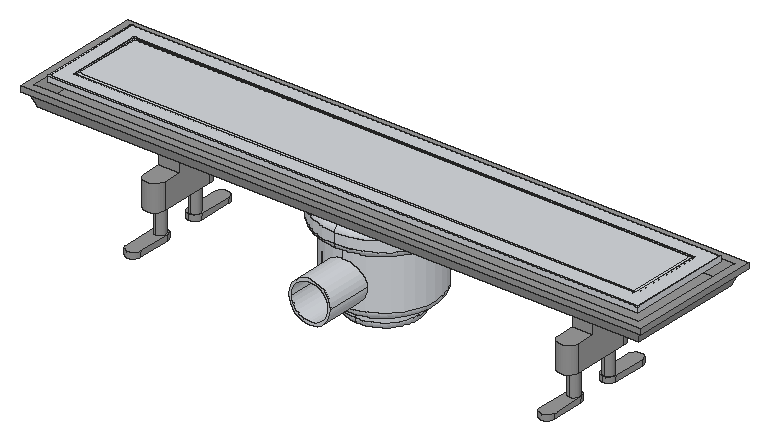
Revit family "S-779", category Aparatos sanitarios, Revit 2015
Parameters (values of type "70x550mm_Soft")
  WFU = 1
  URL = "http://www.jimten.com/es/producto/508/canaleta-linnum-salida-orientable-ancho-70-rejilla-soft"
  TipoRejilla = 8
  Sello hidráulico = "50 mm"  # constant formula
  Salida = "40M/50M"  # constant formula
  Rejilla = INOX AISI304
  Referencia = "13745"
  Modelo = "S-779"  # constant formula
  Medida = "550mm x 70mm"
  Material = ABS
  H_DiámetroExt = 40 mm
  Fabricante = "Jimten"  # constant formula
  Emin = 6 mm  # constant formula
  Emax = 16 mm  # constant formula
  E_Cálculo [instance] = if(E_AlturaRejilla < Emax, if(E_AlturaRejilla > Emin, E_AlturaRejilla, Emin), Emax)  # 8 mm
  E_AlturaRejilla [instance] = 8 mm
  DistPatas = 400 mm
  Descripción = "CANALETA PARA PLATOS DE DUCHA DE OBRA, SIFON ORIENTABLE, SALIDA HORIZONTAL ORIENTABLE, CON REJILLA CLASSIC, CON PIES DE REGULACION DE ALTURA"  # constant formula
  Comentarios de tipo = "CON PRENSATELAS PARA LÁMINAS IMPERMEABILIZANTES GEOTEXTILES O DE PVC. CON PROTECCION DE OBRA.  CON REJILLA REGULABLE EN ALTURA."  # constant formula
  Caudal = 0.8 L/s  # constant formula
  B_Rejilla = 570 mm
  Altura total mínima = "121-131 mm"  # constant formula
  A_Outlet = 600 mm
Types (6, lengths in mm): name | URL | TipoRejilla | Referencia | Medida | DistPatas | B_Rejilla | A_Outlet
  70x650mm_Soft | "http://www.jimten.com/es/producto/508/canaleta-linnum-salida-orientable-ancho-70-rejilla-soft" | 10 | "13746" | "650mm x 70mm" | 500 | 670 | 700
  70x750mm_Soft | "http://www.jimten.com/es/producto/508/canaleta-linnum-salida-orientable-ancho-70-rejilla-soft" | 11 | "13747" | "750mm x 70mm" | 600 | 770 | 800
  70x850mm_Soft | "http://www.jimten.com/es/producto/508/canaleta-linnum-salida-orientable-ancho-70-rejilla-softhttp://www.jimten.com/es/producto/508/canaleta-linnum-salida-orientable-ancho-70-rejilla-soft" | 13 | "13748" | "850mm x 70mm" | 700 | 870 | 900
  70x950mm_Soft | "http://www.jimten.com/es/producto/508/canaleta-linnum-salida-orientable-ancho-70-rejilla-soft" | 14 | "13749" | "950mm x 70mm" | 800 | 970 | 1000
  70x350mm_Soft | "http://www.jimten.com/es/producto/508/canaleta-linnum-salida-orientable-ancho-70-rejilla-soft" | 5 | "13743" | "350mm x 70mm" | 300 | 370 | 400
  70x550mm_Soft | "http://www.jimten.com/es/producto/508/canaleta-linnum-salida-orientable-ancho-70-rejilla-soft" | 8 | "13745" | "550mm x 70mm" | 400 | 570 | 600
Reference planes
  plane 1 "Center (Front/Back)": y = 0
  plane 2: z = 0
  plane 3 "Center (Left/Right)": x = 0
  plane 4: z = -8
  plane 5: x = -200
  plane 6: x = 200
Dimensions and locks
  "E_Cálculo": plane 2 to plane 4
  equal spacing: plane 5, plane 3 "Center (Left/Right)", plane 6
  "DistPatas": plane 5 to plane 6
  aligned and locked: level to plane 2
  aligned and locked: plane 4 to nested 1
  aligned and locked: nested 4 to nested 1
  aligned and locked: nested 3 to nested 1
  aligned and locked: nested 4 to plane 6
  aligned and locked: nested 3 to plane 5
Nested families
  nested 1: "S-779_Outlet" at (0, 0, -8), type "S-779_Outlet"
    with A 600 mm
  nested 2: "S-779_RejillaSoft" at (0, 0, 0), type "S-779_RejillaSoft"
  nested 3: "S-779_Patas" at (-190, -60.1, -124) x (0, 1, 0) z (0, 0, 1), type "S-779_Patas"
  nested 4: "S-779_Patas" at (210, -60.1, -124) x (0, 1, 0) z (0, 0, 1), type "S-779_Patas"
Connectors
  piping at (0, -90, -79), diameter 40, driven by "H_DiámetroExt", driven by "WFU", driven by "Caudal"
    settings: on nested 1, index 1, connector inside diameter 609.6 mm, connector length 0 mm, flow factor 0, pipe flow 0.8 L/s, pressure drop 0.0 Pa, fitting loss kfactor 0, connector angle 0.00°, fixture units 1, engagement length 0 mm, angle of deflection 0.00°, flow configuration 0, flow direction 2, fitting loss method 0, system type 16, joint type 0, gender type 0, connector reference index -1, connector utility 0, adjustable connector yes, is connector primary yes, connector description ""
Definition of nested family "S-779_Outlet"
  Parameters (values of type "S-771_Outlet")
    MaterialOutlet = none
    I = 25 mm
    H = 40 mm
    Hint = H - 5 mm  # 35 mm
    D = 116 mm
    G = 130 mm
    A = 1000 mm
  Reference planes
    plane 1 "Center (Front/Back)": y = 0
    plane 2: z = 0
    plane 3 "Center (Left/Right)": x = 0
    plane 4: x = -500
    plane 5: x = 500
    plane 6: y = 65
    plane 7: y = -65
    plane 8: z = -116
    plane 9: y = -90
    plane 10: z = -71
  Forms (mm)
    Sweep 1, solid, material <- "MaterialOutlet"
      path origin (0, 0, 0) x (1, 0, 0) y (0, 1, 0)
        loop
          line (-500, -65) -> (500, -65) -> (500, 65) -> (-500, 65) -> (-500, -65)
      profile origin (-500, 0, 0) x (-1, 0, 0) y (0, 0, 1)
        loop
          line (0, 0) -> (-7.504, 0) -> (-12.925, -14) -> (-17.925, -14) -> (-17.925, -19) -> (-9.5, -19) -> (-4.059, -4.951) -> (0, -4.951) -> (0, 0)
    Extrusion 2, solid, material <- "MaterialOutlet"
      sketch origin (0, 0, 0) x (1, 0, 0) y (0, 1, 0)
        loop
          line (-482.075, 47.075) -> (-482.075, -47.075) -> (482.075, -47.075) -> (482.075, 47.075) -> (-482.075, 47.075)
        loop
          circle (0, 0) r 25
      from -19 to -14
    Revolve 3, solid
      sketch origin (0, 0, 0) x (0, 1, 0) y (0, 0, 1)
        loop
          line (-45, -19) -> (-55, -19)
          arc (-55, -19) -> (-58.536, -20.464) -> (-60, -24) r 5
          line (-60, -24) -> (-60, -34)
          arc (-60, -34) -> (-58.536, -37.536) -> (-55, -39) r 5
          line (-55, -39) -> (-50, -39) -> (-50, -91.982)
          arc (-50, -91.982) -> (-47.944, -96.944) -> (-42.982, -99) r 7.018
          line (-42.982, -99) -> (-35, -99) -> (-35, -109)
          arc (-35, -109) -> (-32.95, -113.95) -> (-28, -116) r 7
          line (-28, -116) -> (0, -116) -> (0, -113) -> (-27, -113)
          arc (-27, -113) -> (-30.536, -111.536) -> (-32, -108) r 5
          line (-32, -108) -> (-32, -96) -> (-42.982, -96)
          arc (-42.982, -96) -> (-45.823, -94.823) -> (-47, -91.982) r 4.018
          line (-47, -91.982) -> (-47, -36) -> (-55, -36)
          arc (-55, -36) -> (-56.414, -35.414) -> (-57, -34) r 2
          line (-57, -34) -> (-57, -24)
          arc (-57, -24) -> (-56.414, -22.586) -> (-55, -22) r 2
          line (-55, -22) -> (-45, -22) -> (-45, -19)
        axis (0, -19) -> (0, -116)
      angle from 0 to 360
    Extrusion 4, solid
      sketch origin (-108.967, -65, 1200) x (-1, 0, 0) y (0, 0, 1)
        loop
          circle (-108.967, -1271) r 20
        loop
          circle (-108.967, -1271) r 17.5
      from -25 to 25.055
    Extrusion 5, void
      sketch origin (-108.967, -65, 1200) x (1, 0, 0) y (0, 0, 1)
        loop
          circle (108.967, -1271) r 17.5
      from -25.055 to -6.373
  Cuts and joins
    joined: Sweep 1, Extrusion 2
    Extrusion 5 cuts Revolve 3
    Extrusion 5 cuts Extrusion 4
    joined: Revolve 3, Extrusion 4
  Dimensions and locks
    equal spacing: plane 6, plane 1 "Center (Front/Back)", plane 7
    "G": plane 6 to plane 7
    equal spacing: plane 4, plane 3 "Center (Left/Right)", plane 5
    "A": plane 4 to plane 5
    "D": plane 2 to plane 8
    "I": plane 7 to plane 9
    plane 10 to plane 8 = 45 mm
    diameter of Extrusion 2 sketch curve = 50 mm
    "Hint": diameter of Extrusion 4 sketch curve
    "H": diameter of Extrusion 4 sketch curve
    aligned and locked: level to plane 2
    aligned and locked: plane 4 to Sweep 1 sketch curve
    aligned and locked: Sweep 1 sketch curve to plane 6
    aligned and locked: Sweep 1 sketch curve to plane 7
    aligned and locked: plane 5 to Sweep 1 sketch curve
    aligned and locked: Sweep 1 to Extrusion 2 sketch curve  (x3)
    aligned and locked: Extrusion 2 sketch curve to Sweep 1
    aligned and locked: Sweep 1 to Extrusion 2
    aligned and locked: Extrusion 4 to plane 9
    aligned and locked: Extrusion 5 sketch curve to Extrusion 4
  Automatic sketch dimensions
    Sweep 1 sketch curve to level = 0 mm
    Sweep 1 sketch curve to profile plane = 0 mm
    profile plane to Sweep 1 sketch curve = 4.059 mm
    profile plane to Sweep 1 sketch curve = 9.5 mm
    Sweep 1 sketch curve to Sweep 1 sketch curve = 3.425 mm
    Sweep 1 sketch curve to Sweep 1 sketch curve = 5 mm  (x2)
    Sweep 1 sketch curve to Sweep 1 sketch curve = 4.951 mm
    Sweep 1 sketch curve to Sweep 1 sketch curve = 3.444 mm
    plane 7 to Sweep 1 sketch curve = 0 mm
    Extrusion 2 sketch curve to plane 3 "Center (Left/Right)" = 0 mm
    plane 1 "Center (Front/Back)" to Extrusion 2 sketch curve = 0 mm
    Sweep 1 sketch curve to level = 14 mm
    Revolve 3 sketch curve to Revolve 3 sketch curve = 0 mm  (x8)
    Revolve 3 sketch curve to plane 8 = 0 mm
    Revolve 3 sketch curve to plane 1 "Center (Front/Back)" = 0 mm  (x2)
    plane 8 to Revolve 3 sketch curve = 8 mm
    plane 1 "Center (Front/Back)" to Revolve 3 sketch curve = 27 mm
    Revolve 3 sketch curve to Revolve 3 sketch curve = 1 mm
    Revolve 3 sketch curve to Revolve 3 sketch curve = 4 mm
    Revolve 3 sketch curve to Revolve 3 sketch curve = 3 mm  (x4)
    Revolve 3 sketch curve to Revolve 3 sketch curve = 7.982 mm
    plane 7 to Revolve 3 sketch curve = 20 mm
    Revolve 3 sketch curve to Revolve 3 sketch curve = 4.018 mm
    Revolve 3 sketch curve to Revolve 3 sketch curve = 8 mm
    Revolve 3 sketch curve to Revolve 3 sketch curve = 2 mm
    Revolve 3 sketch curve to Revolve 3 sketch curve = 10 mm  (x2)
    Revolve 3 sketch curve to Revolve 3 sketch curve = 9 mm
    Revolve 3 sketch curve to level = 29 mm
    Revolve 3 sketch curve to level = 39 mm
    Extrusion 4 sketch curve to Extrusion 4 sketch curve = 0 mm  (x2)
    Extrusion 4 sketch curve to plane 3 "Center (Left/Right)" = 0 mm
    Extrusion 4 sketch curve to plane 10 = 0 mm
Definition of nested family "S-779_RejillaSoft"
  Parameters (values of type "S-779_RejillaSoft")
    Model = ""
    MaterialRejilla = none
    F_C = (F - C) / 2  # 14.5 mm
    F = 100 mm
    C = 71 mm
    B = 570 mm
  Reference planes
    plane 1 "Center (Front/Back)": y = 0
    plane 2: z = 0
    plane 3 "Center (Left/Right)": x = 0
    plane 4: y = -50
    plane 5: x = -285
    plane 6: x = 285
    plane 7: y = 50
    plane 8: y = 35.5
    plane 9: y = -35.5
    plane 10: x = -270.5
    plane 11: x = 270.5
    plane 12: z = -6
    plane 13 "LineModelRejillas": z = 0.2
    plane 14: x = -246.5
    plane 15: x = 246.5
  Forms (mm)
    Sweep 1, solid
      path origin (0, 0, 0) x (1, 0, 0) y (0, 1, 0)
        loop
          line (-270.5, -35.5) -> (270.5, -35.5) -> (270.5, 35.5) -> (-270.5, 35.5) -> (-270.5, -35.5)
      profile origin (-270.5, 0, 0) x (-1, 0, 0) y (0, 0, 1)
        loop
          line (-1, -5.025) -> (-1, -1)
          arc (-1, -1) -> (-1.293, -0.293) -> (-2, 0) r 1
          line (-2, 0) -> (-6.487, 0) -> (-6.487, -1) -> (-2, -1) -> (-2, -6) -> (1, -6) -> (1, -1) -> (13.535, -1) -> (13.535, -6) -> (14.5, -6) -> (14.5, -0.5)
          arc (14.5, -0.5) -> (14.354, -0.146) -> (14, 0) r 0.5
          line (14, 0) -> (0.5, 0)
          arc (0.5, 0) -> (0.146, -0.146) -> (0, -0.5) r 0.5
          line (0, -0.5) -> (0, -5.025) -> (-1, -5.025)
    Extrusion 2, solid
      sketch origin (0, 0, 0) x (1, 0, 0) y (0, 1, 0)
        loop
          line (-264.013, 29.013) -> (-264.013, -29.013) -> (264.013, -29.013) -> (264.013, 29.013) -> (-264.013, 29.013)
      from -1 to 0
  Cuts and joins
    joined: Sweep 1, Extrusion 2
  Lines and regions (mm)
    model lines
      curve 1: line (-285, 50, 0.2) -> (285, 50, 0.2)
      curve 2: line (-285, -50, 0.2) -> (-285, 50, 0.2)
      curve 3: line (285, -50, 0.2) -> (-285, -50, 0.2)
      curve 4: line (285, 50, 0.2) -> (285, -50, 0.2)
  Dimensions and locks
    equal spacing: plane 7, plane 1 "Center (Front/Back)", plane 4
    "F": plane 7 to plane 4
    equal spacing: plane 8, plane 1 "Center (Front/Back)", plane 9
    "C": plane 8 to plane 9
    equal spacing: plane 5, plane 3 "Center (Left/Right)", plane 6
    "B": plane 5 to plane 6
    plane 10 to plane 5 = 14.5 mm
    "F_C": plane 5 to plane 10
    "F_C": plane 11 to plane 6
    plane 10 to plane 14 = 24 mm
    plane 15 to plane 11 = 24 mm
    plane 2 to plane 12 = 6 mm
    aligned and locked: level to plane 2
    aligned and locked: plane 10 to Sweep 1 sketch curve
    aligned and locked: Sweep 1 sketch curve to plane 8
    aligned and locked: plane 9 to Sweep 1 sketch curve
    aligned and locked: Sweep 1 sketch curve to plane 11
    aligned and locked: Sweep 1 to Extrusion 2 sketch curve  (x3)
    aligned and locked: Extrusion 2 sketch curve to Sweep 1
    aligned and locked: Sweep 1 sketch curve to plane 12
    aligned and locked: Sweep 1 sketch curve to plane 5
    aligned and locked: curve 1 to plane 7
    aligned and locked: plane 5 to curve 2
    aligned and locked: plane 4 to curve 3
    aligned and locked: plane 6 to curve 4
  Automatic sketch dimensions
    Sweep 1 sketch curve to level = 0 mm  (x2)
    Sweep 1 sketch curve to profile plane = 0 mm
    profile plane to Sweep 1 sketch curve = 1 mm
    Sweep 1 sketch curve to Sweep 1 sketch curve = 1 mm
    Sweep 1 sketch curve to Sweep 1 sketch curve = 0 mm  (x2)
    Sweep 1 sketch curve to level = 1 mm
    Sweep 1 sketch curve to Sweep 1 sketch curve = 4.487 mm
    Sweep 1 sketch curve to level = 0.5 mm  (x2)
    Sweep 1 sketch curve to profile plane = 1 mm
    Sweep 1 sketch curve to Sweep 1 sketch curve = 0.965 mm
    Sweep 1 sketch curve to Sweep 1 sketch curve = 0.975 mm
    Sweep 1 sketch curve to Sweep 1 sketch curve = 0.5 mm
Definition of nested family "S-779_Patas"
  Parameters (values of type "S-771_Patas")
    MaterialPata = none
  Reference planes
    plane 1 "Center (Front/Back)": y = 0
    plane 2: z = 0
    plane 3 "Center (Left/Right)": x = 0
    plane 4: z = 97
    plane 5: y = 20
    plane 6: y = 10
    plane 7: z = 82
    plane 8: z = 55
    plane 9: z = 30
    plane 10: z = 5
  Forms (mm)
    Extrusion 1, solid, material <- "MaterialPata"
      sketch origin (28.11, 0, 0) x (1, 0, 0) y (0, 1, 0)
        loop
          line (5, 0) -> (59.109, 0)
          arc (59.109, 0) -> (69.109, 10) -> (59.109, 20) r 10
          line (59.109, 20) -> (5, 20)
          arc (5, 20) -> (-5, 10) -> (5, 0) r 10
      from 30 to 55
    Extrusion 2, solid, material <- "MaterialPata"
      sketch origin (28.11, 0, 0) x (1, 0, 0) y (0, 0, 1)
        loop
          line (22.055, 55) -> (42.055, 55) -> (42.055, 82) -> (53.055, 82) -> (53.055, 97) -> (11.055, 97) -> (11.055, 82) -> (22.055, 82) -> (22.055, 55)
      from -20 to 0
    Extrusion 3, solid, material <- "MaterialPata"
      sketch origin (16.86, 0, 0) x (1, 0, 0) y (0, 1, 0)
        loop
          circle (22.305, 10) r 5
        loop
          circle (64.305, 10) r 5
      from 5 to 30
    Extrusion 4, solid, material <- "MaterialPata"
      sketch origin (16.86, 0, 0) x (1, 0, 0) y (0, 1, 0)
        loop
          line (22.305, 17.024) -> (-9.86, 17.024)
          arc (-9.86, 17.024) -> (-16.86, 10.024) -> (-9.86, 3.024) r 7
          line (-9.86, 3.024) -> (22.305, 3.024)
          arc (22.305, 3.024) -> (27.254, 5.074) -> (29.305, 10.024) r 7
          arc (29.305, 10.024) -> (27.254, 14.973) -> (22.305, 17.024) r 7
        loop
          arc (64.305, 16.922) -> (59.355, 14.872) -> (57.305, 9.922) r 7
          arc (57.305, 9.922) -> (59.355, 4.972) -> (64.305, 2.922) r 7
          line (64.305, 2.922) -> (96.34, 2.922)
          arc (96.34, 2.922) -> (103.34, 9.922) -> (96.34, 16.922) r 7
          line (96.34, 16.922) -> (64.305, 16.922)
      from 0 to 5
  Cuts and joins
    joined: Extrusion 1, Extrusion 2, Extrusion 3, Extrusion 4
  Dimensions and locks
    plane 4 to level = 97 mm
    plane 5 to plane 1 "Center (Front/Back)" = 20 mm
    equal spacing: plane 5, plane 6, plane 1 "Center (Front/Back)"
    aligned and locked: level to plane 2
    aligned and locked: plane 6 to Extrusion 3 sketch curve  (x2)
    aligned and locked: Extrusion 2 to plane 7
    aligned and locked: plane 4 to Extrusion 2
    aligned and locked: cut or joined group of Extrusion 1, Extrusion 2, Extrusion 3, Extrusion 4 to plane 7
    aligned and locked: plane 10 to cut or joined group of Extrusion 1, Extrusion 2, Extrusion 3, Extrusion 4
    aligned and locked: cut or joined group of Extrusion 1, Extrusion 2, Extrusion 3, Extrusion 4 to plane 9
    aligned and locked: plane 9 to cut or joined group of Extrusion 1, Extrusion 2, Extrusion 3, Extrusion 4
    aligned and locked: plane 8 to cut or joined group of Extrusion 1, Extrusion 2, Extrusion 3, Extrusion 4
    aligned and locked: cut or joined group of Extrusion 1, Extrusion 2, Extrusion 3, Extrusion 4 to plane 10
    aligned and locked: Extrusion 2 to Extrusion 1
    aligned and locked: cut or joined group of Extrusion 1, Extrusion 2, Extrusion 3, Extrusion 4 to plane 2
    aligned and locked: Extrusion 1 to Extrusion 2
    aligned and locked: cut or joined group of Extrusion 1, Extrusion 2, Extrusion 3, Extrusion 4 to plane 5
    aligned and locked: plane 5 to cut or joined group of Extrusion 1, Extrusion 2, Extrusion 3, Extrusion 4
  Automatic sketch dimensions
    plane 1 "Center (Front/Back)" to Extrusion 1 sketch curve = 0 mm
    Extrusion 1 sketch curve to plane 5 = 0 mm
    plane 3 "Center (Left/Right)" to Extrusion 1 sketch curve = 33.11 mm
    Extrusion 1 sketch curve to Extrusion 1 sketch curve = 54.109 mm
    Extrusion 2 sketch curve to plane 4 = 15 mm  (x2)
    plane 3 "Center (Left/Right)" to Extrusion 2 sketch curve = 39.165 mm
    Extrusion 2 sketch curve to plane 4 = 42 mm
    Extrusion 2 sketch curve to Extrusion 2 sketch curve = 11 mm  (x2)
    Extrusion 2 sketch curve to Extrusion 2 sketch curve = 20 mm
    Extrusion 2 sketch curve to Extrusion 2 sketch curve = 15 mm
    plane 3 "Center (Left/Right)" to Extrusion 3 sketch curve = 39.165 mm
    Extrusion 3 sketch curve to Extrusion 3 sketch curve = 42 mm
    Extrusion 4 sketch curve to Extrusion 4 sketch curve = 0 mm  (x2)
    plane 6 to Extrusion 4 sketch curve = 0.024 mm
    Extrusion 4 sketch curve to plane 6 = 0.078 mm
    plane 3 "Center (Left/Right)" to Extrusion 4 sketch curve = 7 mm
    Extrusion 4 sketch curve to plane 1 "Center (Front/Back)" = 3.024 mm
    plane 3 "Center (Left/Right)" to Extrusion 4 sketch curve = 39.165 mm
    Extrusion 4 sketch curve to Extrusion 4 sketch curve = 35 mm
    Extrusion 4 sketch curve to Extrusion 4 sketch curve = 32.036 mm
    Extrusion 4 sketch curve to plane 1 "Center (Front/Back)" = 2.922 mm
    radius of Extrusion 3 sketch curve = 5 mm  (x2)
